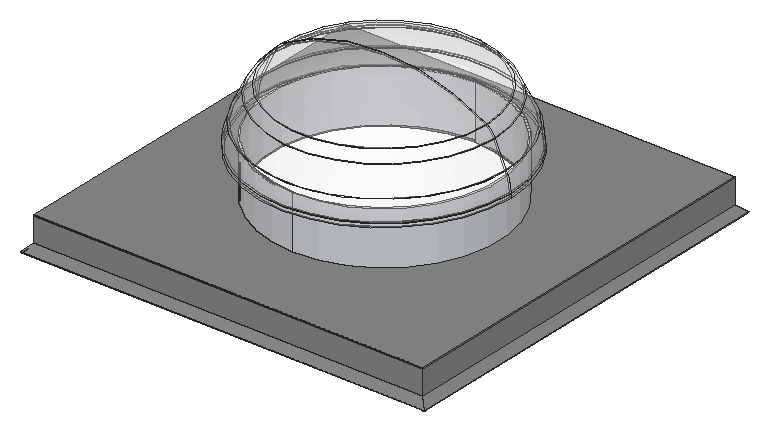
Revit family
Parameters (values of type "ByType")
  Wire Suspension Kit [instance] = yes
  Water Penetration = "No water penetration at 16.5 psf (ASTM E 331)"
  Warranty Duration (Years) = 10
  Visible Light Transmission = 92
  UL Fire Rating = "Class B"
  U Factor = 0.43
  Type Comments = "Type as Specified"
  Test Data [instance] = "http://cpd.nfrc.org/pubsearch/psLineDetails.asp?CPD=STU-K-2_10642"
  Structural Test Pressure = "Positive pressure of 110 psf and Negative pressure of 60 psf (ASTM E 330)"
  Specification [instance] = "http://www.arcat.com/sd/clients/solatube.html?coid=35591"
  SpecWizard [instance] = "http://www.arcat.com/specwizard/08625slt/index.htm?mf=&coid=35591"
  Send Message = "http://admin.arcat.com/users.pl?action=UserEmail&company=Solatube%20International%20Inc.&coid=35591&rep=147&fax=760-597-4488%20&mf="
  Sales Information [instance] = "http://www.solatube.com/commercial/brightenup.php"
  SHGC = 0.33
  Rough Width = 1' - 4"
  Rough Height = 1' - 4"
  Product Properties [instance] = "http://www.arcat.com/bim/bim_info.pl?fn=TDD_Solatube"
  Product Data [instance] = "http://www.arcat.com/clickthru.pl?coid=35591&prodid=2973&loc=www.solatube.com/residential/brightenup.php"
  Photometric Data [instance] = "http://www.solatube.com/downloads/lumens.pdf"
  Outer Dome = Dome_Acrylic
  Model = "As Specified in 08 62 00"
  Manufacturer Website = "http://www.solatube.com"
  Manufacturer Phone - Toll Free = "888-765-2882"
  Manufacturer Phone = "760-597-4400"
  Manufacturer Fax = "760-597-4488"
  Manufacturer Address = "2210 Oak Ridge Way Vista CA  92081"
  Manufacturer = "Solatube International Inc."
  Maintenance Schedule (Months) = 0
  MSDS [instance] = "http://www.solatube.com/commercial/technical_resources.php"
  Is Hurricane Zone (HVHZ) Compliant = no
  Inner Dome = None
  Incandescent Light System [instance] = yes
  Flashing Type = Curb Flashing : FCM 21"
  Flashing Material = Flashing_Steel - ASTM A653 - Black
  Extension Tubes [instance] = 0
  EDCS Area_in2 = 160
  Keynote = "08 62 00"
  Installation-Fabrication [instance] = "http://www.solatube.com/downloads/2007/install/950160_750_330_DS_Instructions_v1.0.pdf"
  Installation Phase = "{Roof}{Retrofit}"
  Green Building-LEED [instance] = "http://www.arcat.com/green/leed_info.php?coid=35591&prodid=2973&mf="
  Flashing Width = 3' - 0"
  Flashing Thickness = 0' - 0 1/16"
  Flashing Height = 3' - 0"
  Expected Lifespan (Years) = 0
  ENERGYSTAR Qualified = if(and(U Factor < 0.601, SHGC < 1), "N, N/C, S/C, S", if(and(U Factor < 0.601, SHGC < 0.401), "N/C and S/C", if(and(U Factor < 0.751, SHGC < 0.401), "S", "Non-Compliant")))  # "N, N/C, S/C, S"
  Drawn By = "Robert S. Weygant. CSI, CDT, SCIP"
  Throat Height = 0' - 4"
  Dome = 21 Dome : DA
  Description = "Solatube Tubular Taylighting Device (TDD) as Specified in 08 62 00"
  Daylight Dimmer Kit [instance] = yes
  Copyright = "2008, ARCAT, Inc."
  Construction Type = "{New}{Retrofit}"
  Construction Details [instance] = "http://www.arcat.com/details/solatube/prod0437.html"
  Compact Flourescent Light System [instance] = yes
  Building Codes [instance] = "http://www.solatube.com/commercial/technical_resources.php"
  Curb Height [instance] = 1' - 0"
  Assembly Code = "B3020110"
  Air Infiltration = "0.3 cfm/ft2 at 1.57 psf (ASTM E 283)"
  0-90 Angle Extension Tubes [instance] = 0
Reference planes (in)
  plane 1 "Center (Front/Back)": y = 0
  plane 2 "Roof": z = 159.05758
  plane 3 "Center (Left/Right)": x = 0
  plane 4 "Ceiling": z = 0
  plane 5 "Base": z = 177.05758
  plane 6 "Roof Face": z = 165.05758
  plane 7 "LensCurb": z = 181.05758
Lines and regions (in)
  Opening 1
    outline origin (-0.22623, 0, 165.05758) x (0, 1, 0) y (-1, 0, 0)
      loop
        arc (0.04867, 7.77377) -> (-7.95133, -0.22623) -> (0.04867, -8.22623) r 8
        arc (0.04867, -8.22623) -> (7.95192, -0.22623) -> (0.04867, 7.77377) r 8.00059
  sketch lines
    curve 1: line (-60.22623, 60, 0) -> (59.77377, 60, 0)
    curve 2: line (-60.22623, 60, 0) -> (-60.22623, -60, 0)
    curve 3: line (-60.22623, -60, 0) -> (59.77377, -60, 0)
    curve 4: line (59.77377, 60, 0) -> (59.77377, -60, 0)
Dimensions and locks (in)
  curve 2 to plane 3 "Center (Left/Right)" to curve 4 = 5' - 0.22623", 4' - 11.77377"
  equal spacing: curve 3, plane 1 "Center (Front/Back)", curve 1
  "Curb Height": plane 5 "Base" to plane 6 "Roof Face"
  "Throat Height": plane 7 "LensCurb" to plane 5 "Base"
  "Rough Width": Opening 1 sketch curve to Opening 1 sketch curve
  aligned and locked: plane 2 "Roof" to level
  aligned and locked: level to host roof
  aligned and locked: plane 6 "Roof Face" to host roof
  aligned and locked: plane 1 "Center (Front/Back)" to nested 2
  aligned and locked: plane 3 "Center (Left/Right)" to nested 2
  aligned and locked: plane 7 "LensCurb" to nested 2
  aligned and locked: plane 3 "Center (Left/Right)" to nested 1
  aligned and locked: nested 1 to plane 1 "Center (Front/Back)"
  aligned and locked: plane 5 "Base" to nested 1
Automatic sketch dimensions
  plane 3 "Center (Left/Right)" to Opening 1 sketch curve = 0' - 0"
  plane 1 "Center (Front/Back)" to Opening 1 sketch curve = 0' - 0.04867"
  Opening 1 sketch curve to plane 1 "Center (Front/Back)" = 0' - 0.04867"
Nested families (in)
  nested 1: "Curb Flashing" at (0, 0, 177.05758) x (0, 1, 0) z (0, 0, 1), type <- "Flashing Type", type "FCM 21""
    with Opening Size 1' - 9", Curb x 3' - 0", Curb y 3' - 0"
  nested 2: "21 Dome" at (2.86731, 0, 181.05758), type <- "Dome", type "DA"
Definition of nested family "Curb Flashing"
  Parameters (values of type "FCM 160")
    Throat height = 0' - 5"
    Opening Size = 0' - 11"
    Material = Flashing_Steel - ASTM A653 - Black
    Flashing Thickness = 0' - 0 1/8"
    Default Elevation = 4' - 0"
    Curb x = 2' - 0"
    Curb y = 2' - 0"
    Counterflashing Depth = 0' - 3"
  Types (4): name | Opening Size
    (no name) | 0' - 11"
    FCM 160 | 0' - 11"
    FCM 290 | 1' - 1"
    FCM 21" | 1' - 8"
  Reference planes (in)
    plane 1 "Center (Front/Back)": y = 0
    plane 2: z = 0
    plane 3 "Center (Left/Right)": x = 0
    plane 4: y = 12
    plane 5: y = -12
    plane 6: x = -12
    plane 7: x = 12
    plane 8: z = 0.125
    plane 9: z = 5
  Forms (in)
    Sweep 1, solid, material "Flashing_Steel - ASTM A653 - Black" <- "Material"
      path in 3D
        loop
          line (-12, -12, 0) -> (12, -12, 0) -> (12, 12, 0) -> (-12, 12, 0) -> (-12, -12, 0)
      profile origin (-12, 0, 0) x (1, 0, 0) y (0, 0, 1)
        loop
          line (-0.125, 0) -> (-0.125, -2.24024) -> (-0.79637, -2.91161) -> (-0.70798, -3) -> (0, -2.29202) -> (0, 0) -> (-0.125, 0)
    Extrusion 2, solid, material "Flashing_Steel - ASTM A653 - Black" <- "Material"
      sketch origin (0, 0, 0) x (1, 0, 0) y (0, 1, 0)
        loop
          line (-12.125, 12.125) -> (-12.125, -12.125) -> (12.125, -12.125) -> (12.125, 12.125) -> (-12.125, 12.125)
        loop
          circle (0, 0) r 5.5
      from 0 to 0.125
    Extrusion 3, solid
      sketch origin (0, 0, 0) x (1, 0, 0) y (0, 1, 0)
        loop
          circle (0, 0) r 5.5
        loop
          circle (0, 0) r 5.625
      from 0 to 5
  Lines and regions (in)
    sketch lines
      curve 1: line (-12, 12, 0) -> (-12, -12, 0)
      curve 2: line (12, 12, 0) -> (-12, 12, 0)
      curve 3: line (12, -12, 0) -> (12, 12, 0)
      curve 4: line (-12, -12, 0) -> (12, -12, 0)
  Dimensions and locks (in)
    "Flashing Thickness": Sweep 1 sketch curve to Sweep 1 sketch curve  (x2)
    "Counterflashing Depth": Sweep 1 sketch curve to Sweep 1 sketch curve
    equal spacing: plane 6, plane 3 "Center (Left/Right)", plane 7
    equal spacing: plane 4, plane 1 "Center (Front/Back)", plane 5
    "Curb x": plane 6 to plane 7
    "Curb y": plane 4 to plane 5
    "Flashing Thickness": plane 8 to plane 2
    "Opening Size": Extrusion 2 sketch curve to Extrusion 2 sketch curve
    "Throat height": plane 9 to plane 2
    "Flashing Thickness": Extrusion 3 sketch curve to Extrusion 3 sketch curve
    locked: Sweep 1 sketch curve to Sweep 1 sketch curve (angle 135.00°)  (x2)
    aligned and locked: curve 1 to plane 6
    aligned and locked: plane 4 to curve 2
    aligned and locked: plane 7 to curve 3
    aligned and locked: curve 4 to plane 5
    aligned and locked: plane 6 to Sweep 1 sketch curve
    aligned and locked: Extrusion 2 sketch curve to Sweep 1  (x4)
    aligned and locked: Extrusion 2 to plane 2
    aligned and locked: plane 8 to Extrusion 2
    aligned and locked: plane 3 "Center (Left/Right)" to Extrusion 2 sketch curve
    aligned and locked: plane 1 "Center (Front/Back)" to Extrusion 2 sketch curve
    aligned and locked: Extrusion 3 sketch curve to Extrusion 2
    aligned and locked: Extrusion 3 to plane 2
    aligned and locked: plane 9 to Extrusion 3
  Automatic sketch dimensions
    Sweep 1 sketch curve to profile plane = 0' - 0"
    profile plane to Sweep 1 sketch curve = 0' - 0.70798"
    Extrusion 3 sketch curve to Extrusion 3 sketch curve = 0' - 0"  (x2)
Definition of nested family "21 Dome"
  Parameters (values of type "DPI")
    con1 = Rad / 2  # 0' - 3"
    Rad = 0' - 6"
    R2 = 0' - 7 15/16"
    Lens = Dome_Acrylic
    LN = 0' - 6"
    Inner Dome = yes
    Default Elevation = 4' - 0"
    Assembly Code = ""
  Types (4): name | Inner Dome
    DPI | yes
    DAI | yes
    DP | no
    DA | no
  Reference planes (in)
    plane 1 "Center (Front/Back)": y = 0
    plane 2: z = 0
    plane 3 "Center (Left/Right)": x = -2.86731
    plane 4: z = 8
    plane 5: x = -14.67981
    plane 6: z = 1
    plane 7: z = 6
    plane 8: x = -8.86731
  Forms (in)
    Revolve 1, solid, material "Dome_Acrylic" <- "Lens"
      sketch origin (0, 0, 0) x (1, 0, 0) y (0, 0, 1)
        loop
          line (-13.20332, 4.51702) -> (-14.27895, 2.21033)
          arc (-14.27895, 2.21033) -> (-14.57839, 1.32818) -> (-14.67981, 0.40214) r 4.27854
          line (-14.67981, 0.40214) -> (-14.67981, 0) -> (-14.49379, 0) -> (-14.49379, 0.40214)
          arc (-14.49379, 0.40214) -> (-14.39678, 1.28792) -> (-14.11035, 2.13171) r 4.09252
          line (-14.11035, 2.13171) -> (-13.04092, 4.42512)
          arc (-13.04092, 4.42512) -> (-12.71643, 4.9161) -> (-12.26309, 5.29138) r 2
          arc (-12.26309, 5.29138) -> (-7.74391, 7.21813) -> (-2.86731, 7.81327) r 17.50521
          line (-2.86731, 7.81327) -> (-2.86731, 8)
          arc (-2.86731, 8) -> (-7.85008, 7.38313) -> (-12.44909, 5.36879) r 17.39474
          arc (-12.44909, 5.36879) -> (-12.88805, 4.99767) -> (-13.20332, 4.51702) r 2
        axis (-2.86731, 8) -> (-2.86731, 0)
      angle from 0 to 360
    Revolve 2, solid, material "Dome_Acrylic" <- "Lens", visible <- "Inner Dome"
      sketch origin (0, 0, 0) x (1, 0, 0) y (0, 0, 1)
        loop
          line (-13.74379, 0.75851) -> (-13.74379, 0.10373) -> (-14.49379, 0.10373) -> (-14.49379, 0) -> (-13.61879, 0) -> (-13.61879, 0.75851)
          arc (-13.61879, 0.75851) -> (-13.59669, 0.96873) -> (-13.53137, 1.16977) r 1.01113
          line (-13.53137, 1.16977) -> (-12.20602, 4.14657)
          arc (-12.20602, 4.14657) -> (-12.04613, 4.39277) -> (-11.81798, 4.57752) r 0.93831
          line (-11.81798, 4.57752) -> (-10.39788, 5.39742)
          arc (-10.39788, 5.39742) -> (-7.98745, 6.46629) -> (-5.40584, 7.00289) r 12.43531
          line (-5.40584, 7.00289) -> (-2.86731, 7.1804) -> (-2.86731, 7.30571) -> (-5.41636, 7.12746)
          arc (-5.41636, 7.12746) -> (-8.02485, 6.58556) -> (-10.46038, 5.50568) r 12.56031
          line (-10.46038, 5.50568) -> (-11.88048, 4.68578)
          arc (-11.88048, 4.68578) -> (-12.13902, 4.47642) -> (-12.32021, 4.19741) r 1.06331
          line (-12.32021, 4.19741) -> (-13.64556, 1.22061)
          arc (-13.64556, 1.22061) -> (-13.71896, 0.99472) -> (-13.74379, 0.75851) r 1.13613
        axis (-2.86731, 7.30571) -> (-2.86731, 0)
      angle from 0 to 360
  Dimensions and locks (in)
    plane 6 to plane 2 = 0' - 1"
    aligned and locked: Revolve 2 sketch curve to plane 3 "Center (Left/Right)"
